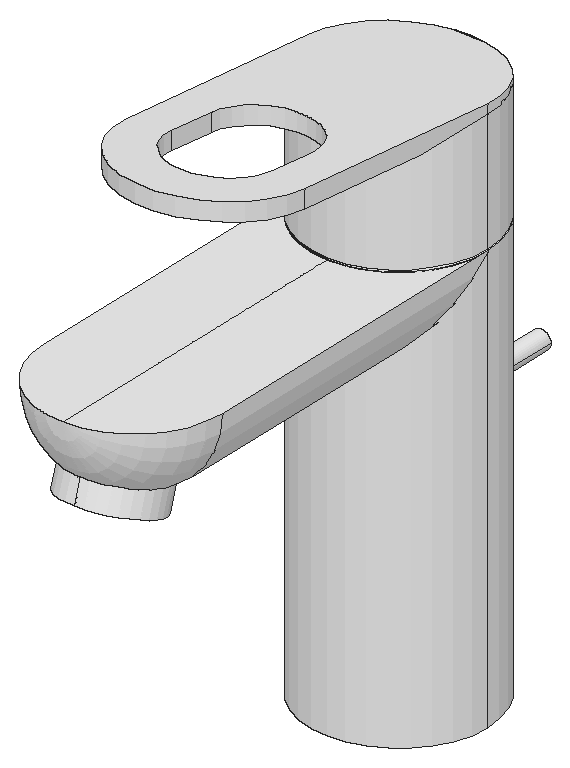
Revit family "Faucet-Lavatory-Grohe-Bauloop-23084000", category Plumbing Fixtures, Revit 2018
Family settings
  Round Connector Dimension = Use Diameter
  Part Type = Normal
  OmniClass Number = 23.45.55.14
  OmniClass Title = Single Faucets
  Work Plane-Based = Yes
  Always vertical = No
  Cut with Voids When Loaded = No
  Shared = Yes
  Room Calculation Point = No
Parameters (values of type "23084000")
  Width = 1 3/4"
  Waste Connection = no
  Warranty Information = "Limited Lifetime Warranty"  # constant formula
  WFU = 2  # constant formula
  Vent Connection = no
  URL = "https://www.grohe.us/"
  Product Page URL = "https://www.grohe.us/Single-Hole-Faucets/Single-Hole-Single-Handle-S-Size-Bathroom-Faucet-15-GPM/GROHE-CHROME-23084000"
  Product Documentation Link = "https://americanstandard.box.com/shared/static/s8db24xpnrn66x5ibdi4xi4i8t4gl475.pdf"
  Price = "Prices may vary. Please consult Manufacturer Representative for most up-to-date price list."  # constant formula
  Model = "23084000"
  Manufacturer = "Grohe"
  Length = 5.87068"
  Hot Water Connection Diameter = 1/2"
  Height = 5 13/16"
  HWFU = 1.5
  HW Connection = yes
  Flow Rate = "1.5 GPM"
  Description = "Single Hole Single-Handle S-Size Bathroom Faucet 1.5 GPM"
  Default Elevation = 0"
  Creation Date = "04/16/2021"  # constant formula
  Cold Water Connection Diameter = 1/2"
  CWFU = 1.5
  CW Connection = yes
  Body Material = Metal-Grohe-000-StarLight Chrome
  Assembly Code = "D2020300"
  ADA Compliant = yes
Reference planes (in)
  plane 1 "Center (Front/Back)": y = 0
  plane 2: z = 0
  plane 3 "Center (Left/Right)": x = 0
  plane 4: z = 3.375
  plane 5: z = 5.8125
  plane 6: z = 3.625
  plane 7: y = -4.125
  plane 8: y = 0.875
  plane 9: y = 1.74568
  plane 10: x = 0.875
  plane 11: x = -0.875
Forms (in)
  Extrusion 1, solid, material "Metal-Grohe-000-StarLight Chrome" <- "Body Material"
    sketch origin (-0.61312, -5.95707, 4.3676) x (0, 0.945519, -0.325568) y (1, 0, 0)
      loop
        circle (2.65645, 0.61312) r 0.46485
    from 0 to 0.28373
  Sweep 2, solid, material "Metal-Grohe-000-StarLight Chrome" <- "Body Material"
    path origin (0, 0, 0) x (0, 1, 0) y (0, 0, 1)
      loop
        line (1.74568, 2.33389) -> (1.25563, 2.33389)
        arc (1.25563, 2.33389) -> (1.17979, 2.30961) -> (1.13214, 2.2458) r 0.13061
        line (1.13214, 2.2458) -> (0.65798, 0.86874)
    profile origin (0, 1.50066, 2.33389) x (0, 0, -1) y (1, 0, 0)
      loop
        circle (0, 0) r 0.0938
  Extrusion 3, solid, material "Metal-Grohe-000-StarLight Chrome" <- "Body Material"
    sketch origin (0, 0, 0) x (1, 0, 0) y (0, 1, 0)
      loop
        circle (-0.25388, 0) r 0.25
      loop
        circle (0.25388, 0) r 0.25
    from 0 to 0.0625
  Extrusion 4, solid, material "Metal-Grohe-000-StarLight Chrome" <- "Body Material"
    sketch origin (0, 0, 0) x (1, 0, 0) y (0, 1, 0)
      loop
        circle (0, 0) r 0.875
    from 0 to 4.1875
  Revolve 5, solid, material "Metal-Grohe-000-StarLight Chrome" <- "Body Material"
    sketch origin (0, 0, 4.1875) x (1, 0, 0) y (0, 1, 0)
      loop
        line (0, 0) -> (-0.875, 0) -> (-0.875, -3.25)
        arc (-0.875, -3.25) -> (-0.61872, -3.86872) -> (0, -4.125) r 0.875
        line (0, -4.125) -> (0, 0)
      axis (0, -4.125) -> (0, 0)
    angle from 0 to 180
  Extrusion 6, solid, material "Metal-Grohe-000-StarLight Chrome" <- "Body Material"
    sketch origin (0, 0, 0) x (1, 0, 0) y (0, 1, 0)
      loop
        circle (0, 0) r 0.875
    from 4.20758 to 5.39338
  Extrusion 7, solid, material "Metal-Grohe-000-StarLight Chrome" <- "Body Material"
    sketch origin (0, 0, 0) x (1, 0, 0) y (0, 1, 0)
      loop
        arc (0.875, 0) -> (0, 0.875) -> (-0.875, 0) r 0.875
        line (-0.875, 0) -> (-0.875, -2.24507)
        arc (-0.875, -2.24507) -> (0, -3.12007) -> (0.875, -2.24507) r 0.875
        line (0.875, -2.24507) -> (0.875, 0)
      loop
        arc (-0.5, -2.16519) -> (0, -2.66519) -> (0.5, -2.16519) r 0.5
        line (0.5, -2.16519) -> (0.5, -1.68441)
        arc (0.5, -1.68441) -> (0, -1.18441) -> (-0.5, -1.68441) r 0.5
        line (-0.5, -1.68441) -> (-0.5, -2.16519)
    from 5.39338 to 5.8125
  Extrusion 8, void
    sketch origin (0, 0, 0.03125) x (0, 1, 0) y (0, 0, 1)
      loop
        line (-0.63331, 4.87455) -> (-0.63331, 5.34224) -> (-3.20007, 5.61202) -> (-3.20007, 5.7892) -> (1.04408, 5.34312) -> (1.04408, 5.87455) -> (-3.28329, 5.87455) -> (-3.28329, 4.87455) -> (-0.63331, 4.87455)
    from -1.19999 to 1.14147
Cuts and joins
  joined: Extrusion 1, Sweep 2, Extrusion 3
  Extrusion 8 cuts Extrusion 7
  joined: Extrusion 6, Extrusion 7
Lines and regions (in)
  Masking region 1
    outline origin (0, 0, 0) x (1, 0, 0) y (0, 1, 0)
      loop
        line (-0.0938, 1.74568) -> (-0.0938, 0.86996)
        arc (-0.0938, 0.86996) -> (-0.65104, 0.58462) -> (-0.875, 0) r 0.875
        line (-0.875, 0) -> (-0.875, -3.25)
        arc (-0.875, -3.25) -> (-0.61872, -3.86872) -> (0, -4.125) r 0.875
        arc (0, -4.125) -> (0.61872, -3.86872) -> (0.875, -3.25) r 0.875
        line (0.875, -3.25) -> (0.875, 0)
        arc (0.875, 0) -> (0.65104, 0.58462) -> (0.0938, 0.86996) r 0.875
        line (0.0938, 0.86996) -> (0.0938, 1.74568) -> (-0.0938, 1.74568)
  symbolic lines, detail levels fine
    curve 1: arc (0.5, -2.16519, 0) -> (0, -2.66519, 0) -> (-0.5, -2.16519, 0) r 0.5
    curve 2: line (-0.5, -2.16519, 0) -> (-0.5, -1.68441, 0)
    curve 3: arc (-0.5, -1.68441, 0) -> (0, -1.18441, 0) -> (0.5, -1.68441, 0) r 0.5
    curve 4: line (0.5, -1.68441, 0) -> (0.5, -2.16519, 0)
    curve 6: arc (0.0938, 0.86996, 0) -> (0, 0.875, 0) -> (-0.0938, 0.86996, 0) r 0.875
  symbolic lines, detail levels medium+fine
    curve 5: arc (-0.875, -2.24507, 0) -> (0, -3.12007, 0) -> (0.875, -2.24507, 0) r 0.875
Dimensions and locks (in)
  plane 4 to level = 3 3/8"
  "Height": plane 5 to level
  locked: plane 1 "Center (Front/Back)" to Sweep 2 at 1.74568
  locked: Extrusion 3 to level at 0.0625
  "Length": plane 9 to plane 7
  "Width": plane 11 to plane 10
  aligned and locked: plane 1 "Center (Front/Back)" to Extrusion 3 sketch curve  (x2)
  aligned and locked: Extrusion 3 to level
  aligned and locked: Masking region 1 sketch curve to Revolve 5  (x2)
Automatic sketch dimensions
  Extrusion 1 sketch curve to plane 3 "Center (Left/Right)" = 0"
  plane 8 to Sweep 2 sketch curve = 0.25714"
  Sweep 2 sketch curve to Sweep 2 sketch curve = 0.1235"
  Sweep 2 sketch curve to plane 4 = 1.17172"
  Sweep 2 sketch curve to Sweep 2 sketch curve = 0.04252"
  Sweep 2 sketch curve to plane 8 = 0.21702"
  Sweep 2 sketch curve to Sweep 2 sketch curve = 0.49005"
  level to Sweep 2 sketch curve = 0.86874"
  Sweep 2 sketch curve to plane 3 "Center (Left/Right)" = 0"
  Sweep 2 sketch curve to profile plane = 0"
  Extrusion 3 sketch curve to plane 3 "Center (Left/Right)" = 0.25388"
  plane 3 "Center (Left/Right)" to Extrusion 3 sketch curve = 0.25388"
  plane 1 "Center (Front/Back)" to Extrusion 4 sketch curve = 0"
  Extrusion 4 sketch curve to plane 3 "Center (Left/Right)" = 0"
  plane 1 "Center (Front/Back)" to Revolve 5 sketch curve = 0"
  Revolve 5 sketch curve to plane 3 "Center (Left/Right)" = 0"  (x2)
  Revolve 5 sketch curve to plane 7 = 0"
  Revolve 5 sketch curve to plane 8 = 0"
  Revolve 5 sketch curve to plane 3 "Center (Left/Right)" = 7/8"
  Revolve 5 sketch curve to Revolve 5 sketch curve = 3/8"
  plane 1 "Center (Front/Back)" to Extrusion 6 sketch curve = 0"
  Extrusion 6 sketch curve to plane 3 "Center (Left/Right)" = 0"
  Extrusion 7 sketch curve to Extrusion 7 sketch curve = 0"
  Extrusion 7 sketch curve to Extrusion 7 sketch curve = 0.07988"
  plane 1 "Center (Front/Back)" to Extrusion 7 sketch curve = 0"
  Extrusion 7 sketch curve to plane 3 "Center (Left/Right)" = 0"
  Extrusion 7 sketch curve to Extrusion 7 sketch curve = 7/8"
  Extrusion 7 sketch curve to Extrusion 7 sketch curve = 3/8"
  plane 1 "Center (Front/Back)" to Extrusion 7 sketch curve = 1.68441"
  Extrusion 7 sketch curve to Extrusion 7 sketch curve = 0.56066"
  plane 5 to Extrusion 8 sketch curve = 0.00795"
  plane 5 to Extrusion 8 sketch curve = 0.0933"
  plane 7 to Extrusion 8 sketch curve = 0.84171"
  Extrusion 8 sketch curve to Extrusion 8 sketch curve = 0.08321"
  plane 1 "Center (Front/Back)" to Extrusion 8 sketch curve = 0.63331"
  plane 8 to Extrusion 8 sketch curve = 0.16908"
  Extrusion 8 sketch curve to plane 5 = 0.16923"
  Extrusion 8 sketch curve to plane 5 = 0.43813"
  Extrusion 8 sketch curve to plane 5 = 0.43901"
  Extrusion 8 sketch curve to Extrusion 8 sketch curve = 0.46769"
  Masking region 1 sketch curve to Masking region 1 sketch curve = 0"  (x2)
  Masking region 1 sketch curve to plane 9 = 0"
  plane 1 "Center (Front/Back)" to Masking region 1 sketch curve = 0"
  Masking region 1 sketch curve to plane 3 "Center (Left/Right)" = 0"
  Masking region 1 sketch curve to plane 3 "Center (Left/Right)" = 0.0938"
  plane 3 "Center (Left/Right)" to Masking region 1 sketch curve = 0.0938"
  curve 5 to plane 11 = 0"
  curve 3 to plane 3 "Center (Left/Right)" = 0"
  plane 1 "Center (Front/Back)" to curve 6 = 0"
  curve 6 to plane 3 "Center (Left/Right)" = 0"
  curve 5 to plane 3 "Center (Left/Right)" = 0"
  plane 11 to curve 2 = 3/8"
  plane 1 "Center (Front/Back)" to curve 4 = 1.68441"
  curve 4 to curve 3 = 0.48078"
  curve 5 to curve 1 = 0.07988"
  curve 6 to plane 8 = 0.00504"  (x2)
  curve 6 to plane 3 "Center (Left/Right)" = 0.0938"
  radius of Extrusion 1 sketch curve = 119/256"
  radius of Sweep 2 sketch curve = 0.0938"
  radius of Extrusion 3 sketch curve = 1/4"  (x2)
  radius of Extrusion 4 sketch curve = 7/8"
  radius of Extrusion 6 sketch curve = 7/8"
Connectors (in)
  piping at (-0.25388, 0, 0), diameter 0.5, driven by "Hot Water Connection Diameter"
    settings: on Extrusion 3, index 1, connector inside diameter 24", connector length 0", flow factor 0, pipe flow 0 GPM, pressure drop 0.00 psi, fitting loss kfactor 0, connector angle 0.00°, fixture units 1.5, engagement length 0", angle of deflection 0.00°, flow configuration 3, flow direction 1, fitting loss method 0, system type 19, joint type 0, gender type 0, connector reference index -1, connector utility 0, adjustable connector no, is connector primary yes, connector description "1/2\" HW Inlet Connection"
  piping at (0.25388, 0, 0), diameter 0.5, driven by "Cold Water Connection Diameter"
    settings: on Extrusion 3, index 2, connector inside diameter 24", connector length 0", flow factor 0, pipe flow 0 GPM, pressure drop 0.00 psi, fitting loss kfactor 0, connector angle 0.00°, fixture units 1.5, engagement length 0", angle of deflection 0.00°, flow configuration 3, flow direction 1, fitting loss method 0, system type 20, joint type 0, gender type 0, connector reference index -1, connector utility 0, adjustable connector no, is connector primary no, connector description "1/2 \"CW Inlet Connection"
